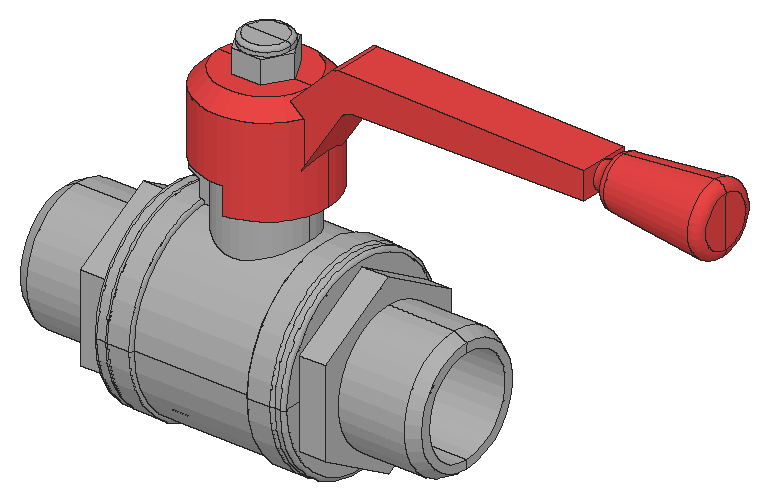
Revit family "QA08100000", category Apparecchi idraulici, Revit 2016
Family settings
  Tipo di parte = Normale
  Quota connettore circolare = Usa diametro
  Numero OmniClass = 23.45.00.00
  Titolo OmniClass = Sanitary, Laundry, and Cleaning Equipment
  Basato su piano di lavoro = No
  Sempre verticale = Sì
  Taglio con vuoti quando caricato = No
  Condiviso = No
  Punto di calcolo locali = No
Parameters
  URL = "https://web.cimberio.it/index.php/figura/168?subcategoria_id=42599"
  DN Model [instance] = QA08101025 : QA08101025
  DN [instance] = 25 mm
Reference planes
  plane 1 "Centro (Fronte/Retro)": y = 0
  plane 2: z = 0
  plane 3 "Centro (Sinistra/Destra)": x = 0
Dimensions and locks
  aligned and locked: level to plane 2
Nested families
  nested 1: "QA08101025" at (0, 0, 0), type <- "DN Model", type "QA08101025"
  nested 2: "QA08101025" at (0, 0, 0), type <- "DN Model", type "QA08101025"
  nested 3: "QA08101025" at (0, 0, 0), type <- "DN Model", type "QA08101025"
  nested 4: "QA08101025" at (0, 0, 0), type <- "DN Model", type "QA08101025"
  nested 5: "QA08101025" at (0, 0, 0), type <- "DN Model", type "QA08101025"
  nested 6: "QA08101025" at (0, 0, 0), type <- "DN Model", type "QA08101025"
  nested 7: "QA08101025" at (0, 0, 0), type <- "DN Model", type "QA08101025"
  nested 8: "QA08101025" at (0, 0, 0), type <- "DN Model", type "QA08101025"
Connectors
  piping at (52.4, 0, 0), diameter 25, driven by "DN"
    settings: on nested 1, index 1, connector inside diameter 609.6 mm, connector length 0 mm, flow factor 0, pipe flow 0.0 L/s, pressure drop 0.0 Pa, fitting loss kfactor 0, connector angle 0.00°, fixture units 0, engagement length 0 mm, angle of deflection 0.00°, flow configuration 0, flow direction 0, fitting loss method 0, system type 7, joint type 0, gender type 0, connector reference index -1, connector utility 0, adjustable connector no, is connector primary yes, connector description ""
  piping at (-52.4, 0, 0), diameter 25, driven by "DN"
    settings: on nested 1, index 2, connector inside diameter 609.6 mm, connector length 0 mm, flow factor 0, pipe flow 0.0 L/s, pressure drop 0.0 Pa, fitting loss kfactor 0, connector angle 0.00°, fixture units 0, engagement length 0 mm, angle of deflection 0.00°, flow configuration 0, flow direction 0, fitting loss method 0, system type 7, joint type 0, gender type 0, connector reference index -1, connector utility 0, adjustable connector no, is connector primary no, connector description ""
Definition of nested family "QA08101025"
  Reference planes
    plane 1 "Centro (Fronte/Retro)": y = 0
    plane 2: z = 0
    plane 3 "Centro (Sinistra/Destra)": x = 0
  Forms (mm)
    Extrusion 1, solid
      sketch origin (-1.996, 0, 4.955) x (1, 0, 0) y (0, 0, 1)
        loop
          line (-17.004, 33.845) -> (-17.004, 26.355) -> (-14.254, 24.767) -> (-14.254, 9.005) -> (-5.604, 9.005) -> (-5.604, 33.845) -> (-17.004, 33.845)
      from 0 to 1.497
    Revolve 2, solid
      sketch origin (0, 0, 0) x (0, 1, 0) y (-1, 0, 0)
        loop
          line (9.248, 19.5) -> (9.248, -20.1) -> (22.489, -20.1)
          arc (22.489, -20.1) -> (23.203, -19.804) -> (23.498, -19.091) r 1.009
          line (23.498, -19.091) -> (23.498, -9.324)
          arc (23.498, -9.324) -> (23.406, -8.846) -> (23.099, -8.468) r 1
          arc (23.099, -8.468) -> (22.839, -7.883) -> (22.75, -7.25) r 2.298
          line (22.75, -7.25) -> (22.75, 12.315)
          arc (22.75, 12.315) -> (22.67, 12.717) -> (22.443, 13.057) r 1.049
          line (22.443, 13.057) -> (20.834, 14.666)
          arc (20.834, 14.666) -> (20.587, 15.036) -> (20.5, 15.472) r 1.139
          line (20.5, 15.472) -> (20.5, 19.5) -> (9.248, 19.5)
        axis (0, 19.5) -> (0, -20.1)
      angle from 0 to 360
    Revolve 3, solid
      sketch origin (0, 0, 0) x (1, 0, 0) y (0, 0, 1)
        loop
          line (0, 60.8) -> (-12.25, 60.8) -> (-16.25, 56.8) -> (-16.25, 33.8) -> (-10.467, 33.8) -> (-10.467, 45.453) -> (0, 45.453) -> (0, 60.8)
        axis (0, 33.8) -> (0, 60.8)
      angle from 0 to 360
    Extrusion 4, void
      sketch origin (0, 0, 58.3) x (-1, 0, 0) y (0, 1, 0)
        loop
          line (17.996, 0) -> (10.467, 0)
          arc (10.467, 0) -> (6.812, -7.947) -> (-1.6, -10.344) r 10.467
          line (-1.6, -10.344) -> (-1.6, -18.578)
          arc (-1.6, -18.578) -> (15.234, -16.711) -> (17.996, 0) r 14.025
      from 17.5 to 31.018
    Revolve 5, solid
      sketch origin (0, 0, 0) x (0, 1, 0) y (-1, 0, 0)
        loop
          line (12.5, 24.9) -> (12.5, -24.9) -> (24.25, -24.9)
          arc (24.25, -24.9) -> (24.957, -24.607) -> (25.25, -23.9) r 1
          line (25.25, -23.9) -> (25.25, -22.33) -> (25.5, -21.397) -> (25.5, -15.5)
          arc (25.5, -15.5) -> (25.059, -15.132) -> (24.5, -15) r 1.253
          line (24.5, -15) -> (24.5, 15)
          arc (24.5, 15) -> (25.068, 15.114) -> (25.5, 15.5) r 1.101
          line (25.5, 15.5) -> (25.5, 20.967) -> (25.25, 21.9) -> (25.25, 23.9)
          arc (25.25, 23.9) -> (24.957, 24.607) -> (24.25, 24.9) r 1
          line (24.25, 24.9) -> (12.5, 24.9)
        axis (0, 24.9) -> (0, -24.9)
      angle from 0 to 360
    Extrusion 6, solid
      sketch origin (16, 0, 0) x (0, 0, 1) y (0, -1, 0)
        loop
          circle (0, 0) r 12.5
        loop
          line (23, 0) -> (11.164, 20.5) -> (-11.164, 20.5) -> (-23, 0) -> (-11.164, -20.5) -> (11.164, -20.5) -> (23, 0)
      from 8.9 to 15.9
    Revolve 7, solid
      sketch origin (0, 0, 0) x (1, 0, 0) y (0, 0, 1)
        loop
          line (31.9, 12.5) -> (52.4, 12.5) -> (52.4, 14.727) -> (49.307, 16.575) -> (31.9, 16.575) -> (31.9, 12.5)
        axis (52.4, 0) -> (31.9, 0)
      angle from 0 to 360
    Revolve 8, solid
      sketch origin (0, 0, 0) x (1, 0, 0) y (0, 0, 1)
        loop
          line (0, 42.985) -> (-11.5, 42.985) -> (-11.5, 21.195) -> (0, 21.195) -> (0, 42.985)
        axis (0, 21.195) -> (0, 42.985)
      angle from 0 to 360
    Revolve 9, solid
      sketch origin (0, 0, 0) x (1, 0, 0) y (0, 0, 1)
        loop
          line (0, 68.8) -> (0, 66.8) -> (6.25, 66.8) -> (6.25, 67.8)
          arc (6.25, 67.8) -> (5.957, 68.507) -> (5.25, 68.8) r 1
          line (5.25, 68.8) -> (0, 68.8)
        axis (0, 68.8) -> (0, 66.8)
      angle from 0 to 360
    Extrusion 10, solid
      sketch origin (0, 0, 0) x (1, 0, 0) y (0, 0, 1)
        loop
          line (11.393, 59.693) -> (14.085, 43.952) -> (25.275, 61.183)
          arc (25.275, 61.183) -> (26.161, 62.009) -> (27.331, 62.321) r 2.5
          line (27.331, 62.321) -> (88.127, 63.3) -> (88.127, 70.3) -> (24.058, 71.284)
          arc (24.058, 71.284) -> (22.962, 70.985) -> (22.032, 70.332) r 3.299
          line (22.032, 70.332) -> (11.393, 59.693)
      from -6.512 to 6.512
    Revolve 11, solid
      sketch origin (0, 0, 0) x (1, 0, 0) y (0, 0, 1)
        loop
          line (120, 66.8) -> (120, 73.308)
          arc (120, 73.308) -> (119.179, 75.163) -> (117.254, 75.8) r 2.503
          line (117.254, 75.8) -> (93.442, 73.443)
          arc (93.442, 73.443) -> (92.32, 73.045) -> (91.512, 72.169) r 2.481
          arc (91.512, 72.169) -> (90.09, 70.745) -> (88.127, 70.3) r 3.621
          line (88.127, 70.3) -> (88.127, 66.8) -> (120, 66.8)
        axis (120, 66.8) -> (88.127, 66.8)
      angle from 0 to 360
    Extrusion 12, solid
      sketch origin (0, 0, 58.3) x (0, 1, 0) y (-1, 0, 0)
        loop
          line (0, -7.501) -> (6.496, -3.751) -> (6.496, 3.751) -> (0, 7.501) -> (-6.496, 3.751) -> (-6.496, -3.751) -> (0, -7.501)
      from 2.5 to 8.5
    Extrusion 13, solid
      sketch origin (-16, 0, 0) x (0, 0, 1) y (0, 1, 0)
        loop
          circle (0, 0) r 12.5
        loop
          line (23, 0) -> (11.164, 20.5) -> (-11.164, 20.5) -> (-23, 0) -> (-11.164, -20.5) -> (11.164, -20.5) -> (23, 0)
      from 8.9 to 15.9
    Revolve 14, solid
      sketch origin (0, 0, 0) x (-1, 0, 0) y (0, 0, 1)
        loop
          line (31.9, 12.5) -> (52.4, 12.5) -> (52.4, 14.727) -> (49.307, 16.575) -> (31.9, 16.575) -> (31.9, 12.5)
        axis (52.4, 0) -> (31.9, 0)
      angle from 0 to 360
  Cuts and joins
    joined: Extrusion 1, Revolve 2
    Extrusion 4 cuts Revolve 3
  Dimensions and locks
    aligned and locked: level to plane 2
